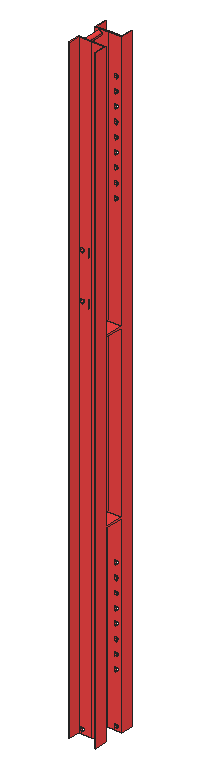
Revit family "051060_StrongbacksCB270", category Generic Models, Revit 2019
Family settings
  Can host rebar = No
  Round Connector Dimension = Use Diameter
  Part Type = Normal
  Work Plane-Based = No
  Always vertical = Yes
  Cut with Voids When Loaded = No
  Shared = No
  Room Calculation Point = No
Parameters
  Vat Lieu = Steel
Reference planes
  plane 1 "Center (Front/Back)": y = 0
  plane 2: z = 0
  plane 3 "Center (Left/Right)": x = 0
  plane 4: z = 240
  plane 5: z = 660
  plane 6: z = 2090
  plane 7: z = 2570
  plane 8: z = 2730
Forms (mm)
  Extrusion 1, solid, material "Steel" <- "Vat Lieu"
    sketch origin (-2.157, 2.155, 0) x (-0.000892, 1, 0) y (-1, -0.000892, 0)
      loop
        line (43, 0) -> (43, -60) -> (98, -60) -> (98, -55) -> (48, -55) -> (48, 0) -> (48, 55) -> (98, 55) -> (98, 60) -> (43, 60) -> (43, 0)
      loop
        line (-43, 0) -> (-43, 60) -> (-98, 60) -> (-98, 55) -> (-48, 55) -> (-48, 0) -> (-48, -55) -> (-98, -55) -> (-98, -60) -> (-43, -60) -> (-43, 0)
    from 0 to 2730
  Extrusion 2, void
    sketch origin (0.983, 2.158, 0) x (-1, -0.000892, 0) y (0, 0, 1)
      loop
        circle (-34.234, 240) r 10
    from -98 to 98
  Extrusion 3, void
    sketch origin (0.983, 2.158, 60) x (-1, -0.000892, 0) y (0, 0, 1)
      loop
        circle (-34.234, 240) r 10
    from -98 to 98
  Extrusion 4, void
    sketch origin (0.983, 2.158, 120) x (-1, -0.000892, 0) y (0, 0, 1)
      loop
        circle (-34.234, 240) r 10
    from -98 to 98
  Extrusion 5, void
    sketch origin (0.983, 2.158, 180) x (-1, -0.000892, 0) y (0, 0, 1)
      loop
        circle (-34.234, 240) r 10
    from -98 to 98
  Extrusion 6, void
    sketch origin (0.983, 2.158, 240) x (-1, -0.000892, 0) y (0, 0, 1)
      loop
        circle (-34.234, 240) r 10
    from -98 to 98
  Extrusion 7, void
    sketch origin (0.983, 2.158, 300) x (-1, -0.000892, 0) y (0, 0, 1)
      loop
        circle (-34.234, 240) r 10
    from -98 to 98
  Extrusion 8, void
    sketch origin (0.983, 2.158, 360) x (-1, -0.000892, 0) y (0, 0, 1)
      loop
        circle (-34.234, 240) r 10
    from -98 to 98
  Extrusion 9, void
    sketch origin (0.983, 2.158, 420) x (-1, -0.000892, 0) y (0, 0, 1)
      loop
        circle (-34.234, 240) r 10
    from -98 to 98
  Extrusion 10, void
    sketch origin (0.983, 2.158, 1850) x (-1, -0.000892, 0) y (0, 0, 1)
      loop
        circle (-34.234, 240) r 10
    from -98 to 98
  Extrusion 11, void
    sketch origin (0.983, 2.158, 1910) x (-1, -0.000892, 0) y (0, 0, 1)
      loop
        circle (-34.234, 240) r 10
    from -98 to 98
  Extrusion 12, void
    sketch origin (0.983, 2.158, 1970) x (-1, -0.000892, 0) y (0, 0, 1)
      loop
        circle (-34.234, 240) r 10
    from -98 to 98
  Extrusion 13, void
    sketch origin (0.983, 2.158, 2030) x (-1, -0.000892, 0) y (0, 0, 1)
      loop
        circle (-34.234, 240) r 10
    from -98 to 98
  Extrusion 14, void
    sketch origin (0.983, 2.158, 2089.918) x (-1, -0.000892, 0) y (0, 0, 1)
      loop
        circle (-34.234, 240) r 10
    from -98 to 98
  Extrusion 15, void
    sketch origin (0.983, 2.158, 2149.918) x (-1, -0.000892, 0) y (0, 0, 1)
      loop
        circle (-34.234, 240) r 10
    from -98 to 98
  Extrusion 16, void
    sketch origin (0.983, 2.158, 2209.918) x (-1, -0.000892, 0) y (0, 0, 1)
      loop
        circle (-34.234, 240) r 10
    from -98 to 98
  Extrusion 17, void
    sketch origin (0.983, 2.158, 2269.918) x (-1, -0.000892, 0) y (0, 0, 1)
      loop
        circle (-34.234, 240) r 10
    from -98 to 98
  Extrusion 18, void
    sketch origin (0.983, 2.158, 2329.918) x (-1, -0.000892, 0) y (0, 0, 1)
      loop
        circle (-34.234, 240) r 10
    from -98 to 98
  Extrusion 19, solid, material "Steel" <- "Vat Lieu"
    sketch origin (-5.298, 2.153, 2472.418) x (1, 0.000892, 0) y (0, 0, -1)
      loop
        circle (-34.234, -240) r 10
    from -48 to 48
  Extrusion 20, void
    sketch origin (0.983, 2.158, 257.582) x (-1, -0.000892, 0) y (0, 0, 1)
      loop
        circle (-34.234, -240) r 10
      loop
        circle (40.766, -240) r 10
    from -48 to 48
  Extrusion 21, void
    sketch origin (-5.298, 2.153, 1660) x (1, 0.000892, 0) y (0, 0, -1)
      loop
        circle (-34.234, -240) r 10
    from -153.159 to 148.848
  Extrusion 22, void
    sketch origin (-5.298, 2.153, 1460) x (1, 0.000892, 0) y (0, 0, -1)
      loop
        circle (-34.234, -240) r 10
    from -98 to 98
  Extrusion 23, solid, material "Steel" <- "Vat Lieu"
    sketch origin (-2.157, 2.155, 0) x (-0.000892, 1, 0) y (-1, -0.000892, 0)
      loop
        line (-43, 60) -> (-43, -60) -> (43, -60) -> (43, 60) -> (-43, 60)
    from 840 to 845
  Extrusion 24, solid, material "Steel" <- "Vat Lieu"
    sketch origin (-2.157, 2.155, 790) x (-0.000892, 1, 0) y (-1, -0.000892, 0)
      loop
        line (-43, 60) -> (-43, -60) -> (43, -60) -> (43, 60) -> (-43, 60)
    from 800 to 805
  Extrusion 25, solid, material "Steel" <- "Vat Lieu"
    sketch origin (-1.745, -459.844, -1.954) x (-1, -0.000892, 0) y (0, 0, 1)
      loop
        line (60, 1923.781) -> (14, 1923.781) -> (14, 1877.781) -> (60, 1877.781) -> (60, 1923.781)
      loop
        line (60, 1723.781) -> (14, 1723.781) -> (14, 1677.781) -> (60, 1677.781) -> (60, 1723.781)
    from 500 to 505
  Extrusion 26, solid, material "Steel" <- "Vat Lieu"
    sketch origin (-2.57, 464.155, -1.954) x (-1, -0.000892, 0) y (0, 0, -1)
      loop
        line (60, -1923.781) -> (60, -1877.781) -> (14, -1877.781) -> (14, -1923.781) -> (60, -1923.781)
      loop
        line (60, -1723.781) -> (60, -1677.781) -> (14, -1677.781) -> (14, -1723.781) -> (60, -1723.781)
    from 500 to 505
Cuts and joins
  Extrusion 2, Extrusion 3, Extrusion 4, Extrusion 5, Extrusion 6, Extrusion 7, Extrusion 8, Extrusion 9, Extrusion 10, Extrusion 11, Extrusion 12, Extrusion 13, Extrusion 14, Extrusion 15, Extrusion 16, Extrusion 17, Extrusion 18, Extrusion 20, Extrusion 21, Extrusion 22 cuts Extrusion 1
  Extrusion 21, Extrusion 22 cuts Extrusion 25
  Extrusion 21, Extrusion 22 cuts Extrusion 26
  joined: Extrusion 1, Extrusion 19, Extrusion 23, Extrusion 24, Extrusion 25, Extrusion 26
Dimensions and locks
  plane 8 to plane 7 to plane 6 to plane 5 to plane 4 to level = 160 mm, 480 mm, 1430 mm, 420 mm, 240 mm
  aligned and locked: level to plane 2
  aligned and locked: plane 8 to Extrusion 1
